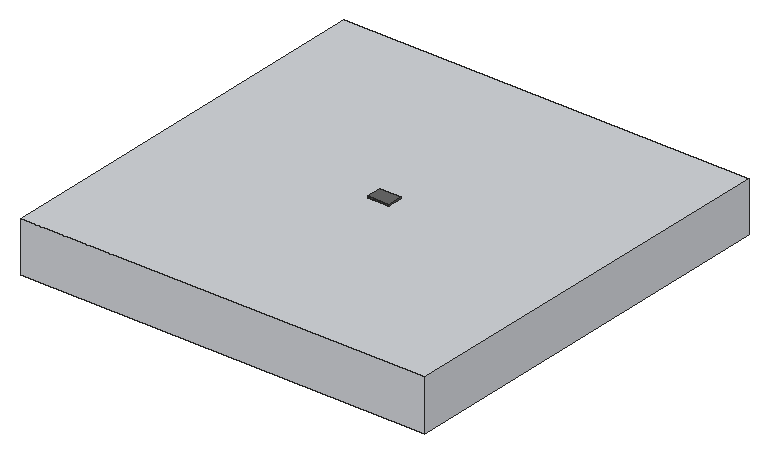
Revit family "Legrand_Hotel_UX_TOUCH_Command_Touch_panel_scenario", category Equipement électrique, Revit 2020
Family settings
  Hôte = Face
  Configuration du panneau = Deux colonnes, circuits au sein
  Cote de connecteur circulaire = Utiliser le diamètre
  Type d'élément = Tableau de raccordement
  Couper avec des vides une fois chargée = Non
  Partagée = Non
  Point de calcul de pièce = Non
Parameters
  Web configurator = "https://uxforupscalehotel.legrand.com"
  With room temperature controller = no
  With LED indication = yes
  URL = "http://www.legrandoc.com/048774"
  Type of surface = "Brilliant"
  Supply frequency MIN-MAX ( Hz) = "0-0"
  Storage temperature MIN-MAX (°C) = "-20-70"
  Standby consuption (mA) = 8
  Programming way = "Computer"
  Programmable = yes
  Overall width = 129 mm
  Overall height = 93 mm
  Overall depth = 42 mm
  Other bus systems = "Other"
  Operating / setting temperature MIN-MAX (°C) = "0-40"
  Number of buttons = 6
  Mounting method = "Flush mounted (plaster)"
  Mounting bracket Ref 048779 [instance] = yes
  Model = "048774"
  Material = LEGRAND - Black plastic
  built-in parameter 1140140 [instance] = 1 (stored number, unit not read)
  General Conditions of Use = "https://export.legrand.com/en/terms-of-use-BIM-objects"
  Flush mount accessory Ref 048788 [instance] = not(Mounting bracket Ref 048779)  # no
  Fabricant = "Legrand"
  Elévation par défaut = 1300 mm
  Description = "6G touch plate"
  Degree of protection (IP) = "IP20"
  Degree of impact strength (IK) = "IK02"
  built-in parameter 1140142 [instance] = -1
  Command = 6 touches : 6 touches
  Colour = "black"
  Built-in depth = 30 mm
  built-in parameter 1155100 [instance] = -1
  Addressable = yes
Types (4, lengths in mm): name | With room temperature controller | URL | Number of buttons | Model | Description | Command
  (no name) | no | "http://www.legrandoc.com/048774" | 6 | "048774" | "6G touch plate" | 6 touches : 6 touches
  Thermostat_Bedside Pannel | yes | "http://www.legrandoc.com/048772" | 10 | "048772" | "Bedside panel SCS" | Tête de lit : Tête de lit
  4 scenario | no | "http://www.legrandoc.com/048777" | 4 | "048777" | "4G touch plate" | 4 touches : 4 touches
  6 scenario | no | "http://www.legrandoc.com/048774" | 6 | "048774" | "6G touch plate" | 6 touches : 6 touches
Reference planes
  plane 1 "Centre (avant/arrière)": y = 0
  plane 2: z = 0
  plane 3 "Centre (gauche/droite)": x = 0
Forms (mm)
  Extrusion 1, solid
    sketch origin (0, 0, 0) x (1, 0, 0) y (0, 1, 0)
      loop
        line (-1219.2, 1219.2) -> (-1219.2, -1219.2) -> (1219.2, -1219.2) -> (1219.2, 1219.2) -> (-1219.2, 1219.2)
    from 0 to -304.8
Dimensions and locks
  aligned and locked: plane 2 to Extrusion 1
  aligned and locked: level to Extrusion 1
Nested families
  nested 1: "TOUCH-Commande_ Tactile_Scénario" at (0, 0, 0), type "TOUCH-Commande_ Tactile_Scénario"
  nested 2: "6 touches" at (0, 0, 0), type <- "Command", type "6 touches"
Connectors
  electrical at (0, 0, 0)
    settings: on nested 1, index 2, voltage 0 V, apparent load 0 VA, apparent load phase1 0 VA, apparent load phase2 0 VA, apparent load phase3 0 VA, power factor 1, load classification "Autre", number of poles 1, system type 30, power factor state 1, is connector primary yes, connector utility no, sub classification motor no, connector description ""
Definition of nested family "TOUCH-Commande_ Tactile_Scénario"
  Parameters (values of type "TOUCH-Commande_ Tactile_Scénario")
    Matériau = none
    Default Elevation = 0 mm
  Reference planes
    plane 1 "Centre (avant/arrière)": y = 0
    plane 2: z = 0
    plane 3 "Centre (gauche/droite)": x = 0
    plane 4: z = -5.9
    plane 5: z = -30.9
    plane 6: z = 11.5
    plane 7: x = 64.5
    plane 8: x = -64.5
    plane 9: y = 46.5
    plane 10: y = -46.5
    plane 11: x = 16.5
    plane 12: x = -16.5
  Forms (mm)
    Extrusion 1, solid, material <- "Matériau"
      sketch origin (0, 0, 0) x (0, -1, 0) y (1, 0, 0)
        loop
          line (-26.5, 26.5) -> (-26.5, -26.5) -> (26.5, -26.5) -> (26.5, 26.5) -> (-26.5, 26.5)
      from -5.9 to 0
    Extrusion 2, solid, material <- "Matériau"
      sketch origin (0, 0, 0) x (0, -1, 0) y (1, 0, 0)
        loop
          line (-16.5, 16.5) -> (-16.5, -16.5) -> (16.5, -16.5) -> (16.5, 16.5) -> (-16.5, 16.5)
      from -30.9 to -5.9
    Extrusion 3, solid, material <- "Matériau"
      sketch origin (0, 0, 0) x (1, 0, 0) y (0, 1, 0)
        loop
          line (-64.5, 46.5) -> (-64.5, -46.5) -> (64.5, -46.5) -> (64.5, 46.5) -> (-64.5, 46.5)
      from 0 to 11.5
    Sweep 4, void
      path origin (0, 0, 0) x (1, 0, 0) y (0, 1, 0)
        loop
          line (-64.5, 46.5) -> (-64.5, -46.5) -> (64.5, -46.5) -> (64.5, 46.5) -> (-64.5, 46.5)
      profile origin (0, 46.5, 0) x (0, 1, 0) y (0, 0, 1)
        loop
          arc (0, 11.5) -> (-1.004, 5.704) -> (-4.308, 0.837) r 13.947
          arc (-4.308, 0.837) -> (-5.255, 0.224) -> (-6.36, 0) r 3.03
          line (-6.36, 0) -> (-6.36, -5) -> (1.64, -5) -> (1.64, 11.5) -> (0, 11.5)
  Cuts and joins
    joined: Extrusion 1, Extrusion 2
    Sweep 4 cuts Extrusion 3
  Dimensions and locks
    plane 8 to plane 7 = 129 mm
    plane 10 to plane 9 = 93 mm
    plane 12 to plane 11 = 33 mm
    plane 6 to plane 2 = 11.5 mm
    aligned and locked: level to plane 2
Definition of nested family "6 touches"
  Parameters (values of type "Commande 6 touches")
    Matériau = none
    built-in parameter 1140140 [instance] = 1 (stored number, unit not read)
    Default Elevation = 0 mm
    built-in parameter 1140142 [instance] = -1
    built-in parameter 1155100 [instance] = -1
  Reference planes
    plane 1 "Centre (avant/arrière)": y = 0
    plane 2: z = 0
    plane 3 "Centre (gauche/droite)": x = 0
    plane 4: z = -5.9
    plane 5: z = -30.9
    plane 6: z = 11.5
    plane 7: x = -64.5
    plane 8: x = 64.5
    plane 9: y = 46.5
    plane 10: y = -46.5
  Lines and regions (mm)
    model lines, not visible
      curve 1: line (-138.451, 165, 0) -> (-212.12, -37.402, 0)
      curve 2: line (-212.12, -37.402, 0) -> (-73.668, -202.402, 0)
      curve 3: line (-73.668, -202.402, 0) -> (138.451, -165, 0)
      curve 4: line (138.451, -165, 0) -> (212.12, 37.402, 0)
      curve 5: line (212.12, 37.402, 0) -> (73.668, 202.402, 0)
      curve 6: line (73.668, 202.402, 0) -> (-138.451, 165, 0)
      curve 7: circle (-345, 165, 115) r 30 normal (0, 0, 1)
      curve 8: arc (352.49, 195, 115) -> (332.49, 205, 115) -> (312.49, 195, 115) r 25
      curve 9: circle (345, -165, 115) r 42.51 normal (0, 0, 1)
      curve 10: arc (360, -147.49, 115) -> (345, -137.007, 115) -> (330, -147.49, 115) r 15.973
      curve 11: arc (340, -192.51, 115) -> (345, -197.618, 115) -> (350, -192.51, 115) r 5.001
      curve 12: arc (-358.345, -122.49, 115) -> (-374.702, -194.693, 115) -> (-302.498, -178.336, 115) r 43.762
      curve 13: arc (-358.345, -122.49, 115) -> (-351.939, -171.93, 115) -> (-302.498, -178.336, 115) r 40.838
      curve 14: line (-345, 205, 115) -> (-345, 225, 115)
      curve 15: line (-345, 125, 115) -> (-345, 105, 115)
      curve 16: line (-285, 165, 115) -> (-305, 165, 115)
      curve 17: line (-405, 165, 115) -> (-385, 165, 115)
      curve 18: line (-387.426, 207.426, 115) -> (-373.284, 193.284, 115)
      curve 19: line (-302.574, 122.574, 115) -> (-316.716, 136.716, 115)
      curve 20: line (-387.426, 122.574, 115) -> (-373.284, 136.716, 115)
      curve 21: line (-302.574, 207.426, 115) -> (-316.716, 193.284, 115)
      curve 22: line (362.49, 195, 115) -> (302.49, 195, 115)
      curve 23: line (302.49, 195, 115) -> (317.49, 125, 115)
      curve 24: line (317.49, 125, 115) -> (347.49, 125, 115)
      curve 25: line (347.49, 125, 115) -> (362.49, 195, 115)
      curve 26: line (375, -134.881, 115) -> (315, -195.119, 115)
      curve 27: line (330, -147.49, 115) -> (325, -192.51, 115)
      curve 28: line (325, -192.51, 115) -> (365, -192.51, 115)
      curve 29: line (365, -192.51, 115) -> (360, -147.49, 115)
      curve 30: line (376, 165, 115) -> (376, 225, 115)
      curve 31: line (376, 225, 115) -> (374, 225, 115)
      curve 32: line (374, 225, 115) -> (374, 165, 115)
      curve 33: line (362.49, 150, 115) -> (362.49, 125, 115)
      curve 34: line (362.49, 125, 115) -> (387.51, 125, 115)
      curve 35: line (387.51, 125, 115) -> (387.51, 150, 115)
      curve 36: arc (374, 165, 115) -> (365.95, 159.261, 115) -> (362.49, 150, 115) r 16.895
      curve 37: arc (387.51, 150, 115) -> (384.05, 159.261, 115) -> (376, 165, 115) r 16.895
      curve 38: circle (-1.577, 165, 0) r 30 normal (0, 0, 1)
      curve 39: circle (-347.002, -165, 0) r 42.51 normal (0, 0, 1)
      curve 40: arc (-14.921, -122.49, 0) -> (-31.278, -194.693, 0) -> (40.925, -178.336, 0) r 43.762
      curve 41: arc (-14.921, -122.49, 0) -> (-8.515, -171.93, 0) -> (40.925, -178.336, 0) r 40.838
      curve 42: arc (-332.521, -155.239, 0) -> (-346.577, -135, 0) -> (-360.632, -155.239, 0) r 15
      curve 43: line (-1.577, 205, 0) -> (-1.577, 225, 0)
      curve 44: line (-1.577, 125, 0) -> (-1.577, 105, 0)
      curve 45: line (58.423, 165, 0) -> (38.423, 165, 0)
      curve 46: line (-61.577, 165, 0) -> (-41.577, 165, 0)
      curve 47: line (-44.003, 207.426, 0) -> (-29.861, 193.284, 0)
      curve 48: line (40.85, 122.574, 0) -> (26.708, 136.716, 0)
      curve 49: line (-44.003, 122.574, 0) -> (-29.861, 136.716, 0)
      curve 50: line (40.85, 207.426, 0) -> (26.708, 193.284, 0)
      curve 51: line (-317.002, -134.881, 0) -> (-377.002, -195.119, 0)
      curve 52: line (-360.632, -155.239, 0) -> (-351.647, -190, 0)
      curve 53: line (-351.647, -190, 0) -> (-341.506, -190, 0)
      curve 54: line (-341.506, -190, 0) -> (-332.521, -155.239, 0)
      curve 55: line (313.423, 145, 0) -> (343.423, 185, 0)
      curve 56: line (343.423, 185, 0) -> (373.423, 145, 0)
      curve 57: line (313.423, -145, 0) -> (343.423, -185, 0)
      curve 58: line (343.423, -185, 0) -> (373.423, -145, 0)
      curve 59: line (-389.512, 195, 0) -> (-304.491, 195, 0)
      curve 60: line (-304.491, 195, 0) -> (-304.491, 145, 0)
      curve 61: line (-304.491, 145, 0) -> (-389.512, 145, 0)
      curve 62: line (-389.512, 145, 0) -> (-389.512, 195, 0)
      curve 63: line (-356.577, 145, 0) -> (-356.577, 135, 0)
      curve 64: line (-356.577, 135, 0) -> (-336.577, 135, 0)
      curve 65: line (-336.577, 135, 0) -> (-336.577, 145, 0)
      curve 66: arc (-351.647, -190, 0) -> (-346.577, -195.001, 0) -> (-341.506, -190, 0) r 5.071
    model lines
      curve 67: circle (-0.158, 16.5, 11.5) r 3 normal (0, 0, 1)
      curve 68: circle (-34.7, -16.5, 11.5) r 4.251 normal (0, 0, 1)
      curve 69: arc (-1.492, -12.249, 11.5) -> (-3.128, -19.469, 11.5) -> (4.093, -17.834, 11.5) r 4.376
      curve 70: arc (-1.492, -12.249, 11.5) -> (-0.852, -17.193, 11.5) -> (4.093, -17.834, 11.5) r 4.084
      curve 71: arc (-33.252, -15.524, 11.5) -> (-34.658, -13.5, 11.5) -> (-36.063, -15.524, 11.5) r 1.5
      curve 72: line (-0.158, 20.5, 11.5) -> (-0.158, 22.5, 11.5)
      curve 73: line (-0.158, 12.5, 11.5) -> (-0.158, 10.5, 11.5)
      curve 74: line (5.842, 16.5, 11.5) -> (3.842, 16.5, 11.5)
      curve 75: line (-6.158, 16.5, 11.5) -> (-4.158, 16.5, 11.5)
      curve 76: line (-4.4, 20.743, 11.5) -> (-2.986, 19.328, 11.5)
      curve 77: line (4.085, 12.257, 11.5) -> (2.671, 13.672, 11.5)
      curve 78: line (-4.4, 12.257, 11.5) -> (-2.986, 13.672, 11.5)
      curve 79: line (4.085, 20.743, 11.5) -> (2.671, 19.328, 11.5)
      curve 80: line (-31.7, -13.488, 11.5) -> (-37.7, -19.512, 11.5)
      curve 81: line (-36.063, -15.524, 11.5) -> (-35.165, -19, 11.5)
      curve 82: line (-35.165, -19, 11.5) -> (-34.151, -19, 11.5)
      curve 83: line (-34.151, -19, 11.5) -> (-33.252, -15.524, 11.5)
      curve 84: line (31.342, 14.5, 11.5) -> (34.342, 18.5, 11.5)
      curve 85: line (34.342, 18.5, 11.5) -> (37.342, 14.5, 11.5)
      curve 86: line (31.342, -14.5, 11.5) -> (34.342, -18.5, 11.5)
      curve 87: line (34.342, -18.5, 11.5) -> (37.342, -14.5, 11.5)
      curve 88: line (-38.951, 19.5, 11.5) -> (-30.449, 19.5, 11.5)
      curve 89: line (-30.449, 19.5, 11.5) -> (-30.449, 14.5, 11.5)
      curve 90: line (-30.449, 14.5, 11.5) -> (-38.951, 14.5, 11.5)
      curve 91: line (-38.951, 14.5, 11.5) -> (-38.951, 19.5, 11.5)
      curve 92: line (-35.658, 14.5, 11.5) -> (-35.658, 13.5, 11.5)
      curve 93: line (-35.658, 13.5, 11.5) -> (-33.658, 13.5, 11.5)
      curve 94: line (-33.658, 13.5, 11.5) -> (-33.658, 14.5, 11.5)
      curve 95: arc (-35.165, -19, 11.5) -> (-34.658, -19.5, 11.5) -> (-34.151, -19, 11.5) r 0.507
  Dimensions and locks
    plane 7 to plane 8 = 129 mm
    plane 10 to plane 9 = 93 mm
    aligned and locked: level to plane 2
